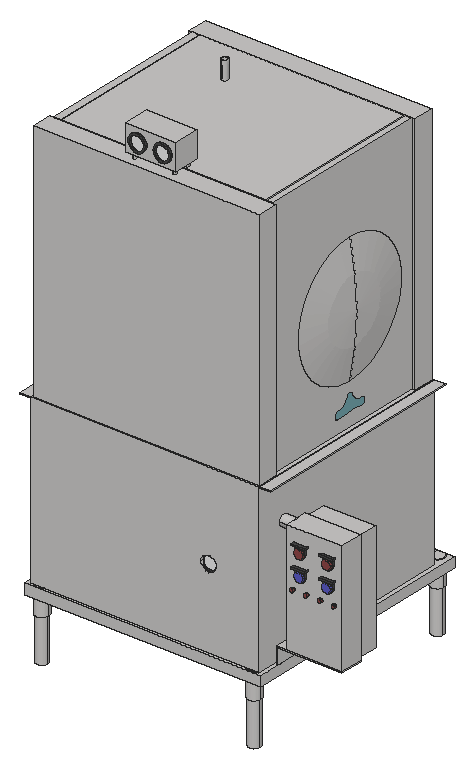
Revit family
Parameters (values of type "208/60/3")
  Width = 2' - 8 5/8"
  Weight in Pounds = 1000
  Watts = 10000 W
  Waste Water Discharge Temperature [instance] = -459.67 °F
  Volts = 208 V
  Ventilation Remarks [instance] = ""
  URL Cutsheet = ""
  URL = "www.stero.com"
  Status [instance] = ""
  Specification by User [instance] = ""
  Specification by Manufacturer = ""
  Serial Number [instance] = ""
  Seismic Rating [instance] = ""
  SMACNA No [instance] = ""
  Revision Code [instance] = ""
  Plumbing Remarks [instance] = ""
  Plumbing Connection Type [instance] = ""
  Phase = 3
  Number of Poles [instance] = 1
  NAFEM Spec ID Number [instance] = ""
  Model = "U-31A"
  Masterspec = ""
  Manufacturer = "Stero"
  Item Number [instance] = "-"
  Installed By [instance] = ""
  Indirect Waste Size = 2"
  Indirect Waste Flow [instance] = 0 GPM
  Indirect Waste Connection Type [instance] = ""
  Indirect Waste Connection Height = 0' - 4 1/4"
  Hot Water Usage Rack = "0.5 Gal/Rack"
  Hot Water Usage = "70 GPH"
  Hot Water Temperature = 180 °F
  Hot Water Size = 3/4"
  Hot Water RI Height [instance] = 0' - 0"
  Hot Water Minimum Pressure = 20.00 psi
  Hot Water Maximum Pressure = 20.00 psi
  Hot Water Flow [instance] = 0 GPM
  Hot Water Consumption = 1.97 GPM
  Hot Water Connection Height = 5' - 11 1/2"
  HP = "3"
  Furnished By [instance] = ""
  Foodservice Equipment Identifier [instance] = yes
  FL Amps = 36.8 A
  Exhaust Volume [instance] = if(Exhaust Vent, 600 CFM, 0 CFM)  # 0 CFM
  Exhaust Vent Width = 0' - 7 7/8"
  Exhaust Vent Depth = 0' - 7 7/8"
  Exhaust Vent [instance] = no
  Exhaust Static Press = 0.00 in-wg
  Exhaust RI Height [instance] = 0' - 0"
  Electrical Remarks [instance] = ""
  Electric Connection Type [instance] = ""
  Elec Conn RI Height [instance] = 0' - 0"
  Elec Conn Connection Height = 2' - 0 3/4"
  Description = "Pot, Pan and Utensil Washer"
  Depth = 2' - 11"
  Cycle = 60 Hz
  Conn Conduit = yes
  Clearance Depth [instance] = 0' - 4 1/2"
  CSI MasterFormat = "11 48 13"
  Assembly Code = "E1090320"
  Apparent Power = if(Phase = 3, Volts * FL Amps * 1.73, Volts * FL Amps)  # 13242.1 VA
Types (3): name | Volts | Hot Water Flow | FL Amps | Apparent Power
  (no name) | 208 V | 0 GPM | 36.8 A | 13242.1 VA
  208/60/3 | 208 V | 0 GPM | 36.8 A | 13242.1 VA
  480/60/3 | 480 V | 1.97 GPM | 17.3 A | 14365.9 VA
Reference planes (in)
  plane 1: z = 0
  plane 2 "Left of Top": x = 2.32772
  plane 3 "BACK": y = -48
  plane 4 "TOP": z = 100.5
  plane 5 "Right of Top": x = 34.95272
  plane 6 "FRONT": y = -83
  plane 7 "LEFT": x = 1.64022
  plane 8 "RIGHT": x = 35.64022
  plane 9 "Bottom of Machine": z = 8.5
  plane 10 "Table Height": z = 34
  plane 11 "Top of Machine": z = 69
  plane 12: z = 10
  plane 13 "Center": x = 18.64022
  plane 14 "Top of Opening": z = 61.5625
  plane 15: z = 6.25
  plane 16: x = 2.20272
  plane 17: x = 35.07772
  plane 18: x = 0.57772
  plane 19: x = 36.70272
  plane 20 "Front of Bottom": y = -82.5625
  plane 21: y = -65.5
  plane 22: y = -51
  plane 23 "Back of Top": y = -51.25
  plane 24 "Front of Top": y = -82.3125
  plane 25: y = -79.3125
  plane 26: y = -54.25
  plane 27: x = 33.45272
  plane 28: x = 3.82772
  plane 29: x = 34.45272
  plane 30: x = 2.82772
  plane 31 "Front of Panel": y = -81.5625
  plane 32: y = -77.8125
  plane 33: z = 69.75
  plane 34: z = 73.5
  plane 35: x = 15.01522
  plane 36: x = 22.26522
  plane 37: x = 14.70272
  plane 38: y = -62.3125
  plane 39: y = -54.4375
  plane 40: x = 22.57772
  plane 41: y = -43.5
  plane 42 "Front of Lower Panel": y = -79.9375
  plane 43: y = -76.625
  plane 44: z = 12.375
  plane 45: z = 28.625
  plane 46 "Right of Lower Panel": x = 44.95272
  plane 47 "Left of Lower Panel": x = 36.95272
  plane 48 "Back of Lower Panel": y = -73.5625
  plane 49: z = 28.375
  plane 50: z = 12.625
  plane 51: x = 44.70272
  plane 52: x = 37.20272
  plane 53: z = 21.5
  plane 54: x = 27.82772
  plane 55: z = 4.25
  plane 56: z = 71.5
  plane 57: y = -60.3125
  plane 58: x = 12.32772
  plane 59: z = 24.75
  plane 60: x = 37.95272
Forms (in)
  Extrusion 1, solid, material "QF_Finishes_Stainless Steel"
    sketch origin (0, 0, 8.5) x (0, 1, 0) y (-1, 0, 0)
      loop
        line (-48, -1.64022) -> (-83, -1.64022) -> (-83, -35.64022) -> (-48, -35.64022) -> (-48, -1.64022)
    from 0 to 1.5
  Extrusion 2, solid, material "QF_Finishes_Stainless Steel"
    sketch origin (0, 0, 28.5) x (0, 1, 0) y (-1, 0, 0)
      loop
        line (-51, -2.20272) -> (-82.5625, -2.20272) -> (-82.5625, -35.07772) -> (-51, -35.07772) -> (-51, -2.20272)
    from 5.5 to -18.5
  Extrusion 3, solid, material "QF_Finishes_Stainless Steel"
    sketch origin (0, 0, 34) x (0, 1, 0) y (-1, 0, 0)
      loop
        line (-51, -2.20272) -> (-51, -0.57772) -> (-82.5625, -0.57772) -> (-82.5625, -2.20272) -> (-51, -2.20272)
    from 0 to -0.125
  Extrusion 4, solid, material "QF_Finishes_Stainless Steel"
    sketch origin (0, 0, 34) x (0, 1, 0) y (-1, 0, 0)
      loop
        line (-51, -35.07772) -> (-82.5625, -35.07772) -> (-82.5625, -36.70272) -> (-51, -36.70272) -> (-51, -35.07772)
    from 0 to -0.125
  Extrusion 5, solid, material "QF_Finishes_Stainless Steel"
    sketch origin (0, 0, 69) x (0, 1, 0) y (-1, 0, 0)
      loop
        line (-54.25, -3.82772) -> (-79.3125, -3.82772) -> (-79.3125, -33.45272) -> (-54.25, -33.45272) -> (-54.25, -3.82772)
    from 0 to -7.4375
  Extrusion 6, solid, material "QF_Finishes_Stainless Steel"
    sketch origin (0, 0, 69) x (0, 1, 0) y (-1, 0, 0)
      loop
        line (-51.25, -2.32772) -> (-54.25, -2.32772) -> (-54.25, -34.95272) -> (-51.25, -34.95272) -> (-51.25, -2.32772)
    from 0 to -35
  Extrusion 7, solid, material "QF_Finishes_Stainless Steel"
    sketch origin (-31.85978, -79.82772, 69) x (-1, 0, 0) y (0, -1, 0)
      loop
        line (-65.3125, -0.51522) -> (-66.3125, -0.51522) -> (-66.3125, -25.57772) -> (-65.3125, -25.57772) -> (-65.3125, -0.51522)
    from 0 to -35
  Revolve 8, solid, material "QF_Finishes_Stainless Steel"
    sketch origin (-32.35978, -65.50246, -4.22611) x (-1, 0, 0) y (0, 0, 1)
      loop
        line (-66.8125, 53.5625) -> (-66.8125, 62.89889)
        arc (-66.8125, 62.89889) -> (-67.57581, 58.2589) -> (-67.8125, 53.5625) r 41.7501
        line (-67.8125, 53.5625) -> (-66.8125, 53.5625)
      axis (-66.8125, 53.5625) -> (-67.8125, 53.5625)
    angle from 0 to 360
  Extrusion 9, solid, material "QF_Finishes_Stainless Steel"
    sketch origin (0, 0, 0) x (1, 0, 0) y (0, 1, 0)
      loop
        circle (3.32772, -49) r 0.8125
    from 0 to 6.25
  Extrusion 10, solid, material "QF_Finishes_Stainless Steel"
    sketch origin (0, 0, 0) x (1, 0, 0) y (0, 1, 0)
      loop
        circle (3.32772, -49) r 0.9375
    from 6.25 to 8.5
  Extrusion 11, solid, material "QF_Finishes_Stainless Steel"
    sketch origin (48.65544, 0, 0) x (-1, 0, 0) y (0, -1, 0)
      loop
        circle (14.70272, 49) r 0.8125
    from 0 to 6.25
  Extrusion 12, solid, material "QF_Finishes_Stainless Steel"
    sketch origin (48.65544, 0, 0) x (-1, 0, 0) y (0, -1, 0)
      loop
        circle (14.70272, 49) r 0.9375
    from 6.25 to 10
  Extrusion 13, solid, material "QF_Finishes_Stainless Steel"
    sketch origin (0, -121, 0) x (1, 0, 0) y (0, 1, 0)
      loop
        circle (3.32772, 39) r 0.8125
    from 0 to 6.25
  Extrusion 14, solid, material "QF_Finishes_Stainless Steel"
    sketch origin (0, -121, 0) x (1, 0, 0) y (0, 1, 0)
      loop
        circle (3.32772, 39) r 0.9375
    from 6.25 to 10
  Extrusion 15, solid, material "QF_Finishes_Stainless Steel"
    sketch origin (48.65544, -121, 0) x (-1, 0, 0) y (0, -1, 0)
      loop
        circle (14.70272, -39) r 0.8125
    from 0 to 6.25
  Extrusion 16, solid, material "QF_Finishes_Stainless Steel"
    sketch origin (48.65544, -121, 0) x (-1, 0, 0) y (0, -1, 0)
      loop
        circle (14.70272, -39) r 0.9375
    from 6.25 to 10
  Extrusion 17, solid, material "QF_Finishes_Light Blue"
    sketch origin (34.95272, -79.82772, 5.5) x (0, -1, 0) y (0, 0, 1)
      loop
        line (-13.71645, 30.53132) -> (-12.08461, 30.44809)
        arc (-12.08461, 30.44809) -> (-11.90443, 30.52273) -> (-11.82979, 30.70292) r 0.25483
        line (-11.82979, 30.70292) -> (-11.82979, 31.18785)
        arc (-11.82979, 31.18785) -> (-11.90343, 31.36562) -> (-12.08121, 31.43926) r 0.25142
        arc (-12.08121, 31.43926) -> (-13.22593, 31.6553) -> (-13.90311, 32.60319) r 1.56264
        arc (-13.90311, 32.60319) -> (-14.31726, 32.93713) -> (-14.74741, 32.62407) r 0.43733
        arc (-14.74741, 32.62407) -> (-15.42049, 31.66111) -> (-16.57423, 31.43926) r 1.56264
        arc (-16.57423, 31.43926) -> (-16.75201, 31.36562) -> (-16.82565, 31.18785) r 0.25142
        line (-16.82565, 31.18785) -> (-16.82565, 30.70292)
        arc (-16.82565, 30.70292) -> (-16.75101, 30.52273) -> (-16.57082, 30.44809) r 0.25483
        line (-16.57082, 30.44809) -> (-14.93898, 30.53132)
        arc (-14.93898, 30.53132) -> (-14.32772, 30.54468) -> (-13.71645, 30.53132) r 13.99777
    from 0.5 to 0.4375
  Extrusion 18, solid, material "QF_Finishes_Stainless Steel"
    sketch origin (0, -17.25, 69) x (0, 1, 0) y (-1, 0, 0)
      loop
        line (-62.0625, -2.32772) -> (-65.0625, -2.32772) -> (-65.0625, -34.95272) -> (-62.0625, -34.95272) -> (-62.0625, -2.32772)
    from 0 to -35
  Extrusion 19, solid, material "QF_Finishes_Stainless Steel"
    sketch origin (69.14022, -79.82772, 69) x (1, 0, 0) y (0, 1, 0)
      loop
        line (-65.3125, 0.51522) -> (-65.3125, 25.57772) -> (-66.3125, 25.57772) -> (-66.3125, 0.51522) -> (-65.3125, 0.51522)
    from 0 to -35
  Revolve 20, solid, material "QF_Finishes_Stainless Steel"
    sketch origin (69.64022, -65.50246, -4.22611) x (1, 0, 0) y (0, 0, -1)
      loop
        line (-66.8125, -53.5625) -> (-67.8125, -53.5625)
        arc (-67.8125, -53.5625) -> (-67.57581, -58.2589) -> (-66.8125, -62.89889) r 41.7501
        line (-66.8125, -62.89889) -> (-66.8125, -53.5625)
      axis (-66.8125, -53.5625) -> (-67.8125, -53.5625)
    angle from 0 to 360
  Extrusion 21, solid, material "QF_Finishes_Light Blue"
    sketch origin (2.32772, -79.82772, 5.5) x (0, -1, 0) y (0, 0, -1)
      loop
        arc (-13.71645, -30.53132) -> (-14.32772, -30.54468) -> (-14.93898, -30.53132) r 13.99777
        line (-14.93898, -30.53132) -> (-16.57082, -30.44809)
        arc (-16.57082, -30.44809) -> (-16.75101, -30.52273) -> (-16.82565, -30.70292) r 0.25483
        line (-16.82565, -30.70292) -> (-16.82565, -31.18785)
        arc (-16.82565, -31.18785) -> (-16.75201, -31.36562) -> (-16.57423, -31.43926) r 0.25142
        arc (-16.57423, -31.43926) -> (-15.42049, -31.66111) -> (-14.74741, -32.62407) r 1.56264
        arc (-14.74741, -32.62407) -> (-14.31726, -32.93713) -> (-13.90311, -32.60319) r 0.43733
        arc (-13.90311, -32.60319) -> (-13.22593, -31.6553) -> (-12.08121, -31.43926) r 1.56264
        arc (-12.08121, -31.43926) -> (-11.90343, -31.36562) -> (-11.82979, -31.18785) r 0.25142
        line (-11.82979, -31.18785) -> (-11.82979, -30.70292)
        arc (-11.82979, -30.70292) -> (-11.90443, -30.52273) -> (-12.08461, -30.44809) r 0.25483
        line (-12.08461, -30.44809) -> (-13.71645, -30.53132)
    from 0.5 to 0.4375
  Extrusion 22, solid, material "QF_Finishes_Clearance", detail levels coarse
    sketch origin (-31.85978, -79.82772, 100.5) x (-1, 0, 0) y (0, -1, 0)
      loop
        line (-65.3125, -0.51522) -> (-66.3125, -0.51522) -> (-66.3125, -25.57772) -> (-65.3125, -25.57772) -> (-65.3125, -0.51522)
    from 0 to -31.5
  Extrusion 23, solid, material "QF_Finishes_Clearance", detail levels coarse
    sketch origin (69.14022, -79.82772, 100.5) x (1, 0, 0) y (0, 1, 0)
      loop
        line (-65.3125, 0.51522) -> (-65.3125, 25.57772) -> (-66.3125, 25.57772) -> (-66.3125, 0.51522) -> (-65.3125, 0.51522)
    from 0 to -31.5
  Extrusion 24, solid, material "QF_Finishes_Stainless Steel"
    sketch origin (0.0625, -81.5625, 0) x (1, 0, 0) y (0, 0, 1)
      loop
        line (14.95272, 73.5) -> (14.95272, 69.75) -> (22.20272, 69.75) -> (22.20272, 73.5) -> (14.95272, 73.5)
    from 0 to -3.75
  Extrusion 25, solid, material "QF_Finishes_Stainless Steel"
    sketch origin (0.0625, 0, 69) x (0, 1, 0) y (-1, 0, 0)
      loop
        circle (-78.5625, -15.70272) r 0.25
      loop
        circle (-78.5625, -21.45272) r 0.25
      loop
        circle (-80.8125, -15.70272) r 0.25
      loop
        circle (-80.8125, -21.45272) r 0.25
    from 0 to 0.75
  Extrusion 26, solid, material "QF_Finishes_Black"
    sketch origin (0.0625, -81.5625, 0) x (1, 0, 0) y (0, 0, 1)
      loop
        circle (16.75933, 71.60797) r 1.25
      loop
        circle (16.75933, 71.60797) r 1
    from 0 to 0.25
  Extrusion 27, solid, material "QF_Finishes_White"
    sketch origin (0.0625, -81.5625, 0) x (1, 0, 0) y (0, 0, 1)
      loop
        circle (16.75933, 71.60797) r 1
    from 0 to 0.0625
  Extrusion 28, solid, material "QF_Finishes_Black"
    sketch origin (3.6875, -81.5625, 0) x (1, 0, 0) y (0, 0, 1)
      loop
        circle (16.75933, 71.60797) r 1.25
      loop
        circle (16.75933, 71.60797) r 1
    from 0 to 0.25
  Extrusion 29, solid, material "QF_Finishes_White"
    sketch origin (3.6875, -81.5625, 0) x (1, 0, 0) y (0, 0, 1)
      loop
        circle (16.75933, 71.60797) r 1
    from 0 to 0.0625
  Extrusion 30, solid, material "QF_Finishes_Stainless Steel", visible <- "Exhaust Vent"
    sketch origin (0, 0, 69) x (0, 1, 0) y (-1, 0, 0)
      loop
        line (-54.4375, -14.70272) -> (-62.3125, -14.70272) -> (-62.3125, -22.57772) -> (-54.4375, -22.57772) -> (-54.4375, -14.70272)
      loop
        line (-62.1875, -14.82772) -> (-62.1875, -22.45272) -> (-54.5625, -22.45272) -> (-54.5625, -14.82772) -> (-62.1875, -14.82772)
    from 0 to 8
  Extrusion 31, solid, material "QF_Finishes_Clearance", detail levels coarse
    sketch origin (0, 0, 0) x (1, 0, 0) y (0, 1, 0)
      loop
        line (0.57772, -43.5) -> (0.57772, -48) -> (36.70272, -48) -> (36.70272, -43.5) -> (0.57772, -43.5)
    from 0 to 77
  Extrusion 32, solid, material "QF_Finishes_Stainless Steel"
    sketch origin (0, -79.9375, 0) x (-1, 0, 0) y (0, 0, 1)
      loop
        line (-35.64022, 10) -> (-35.51522, 10) -> (-35.51522, 12.375) -> (-44.95272, 12.375) -> (-44.95272, 12.25) -> (-35.64022, 12.25) -> (-35.64022, 10)
    from 0 to 3.3125
  Extrusion 33, solid, material "QF_Finishes_Stainless Steel"
    sketch origin (0, -79.9375, 0) x (-1, 0, 0) y (0, 0, 1)
      loop
        line (-36.95272, 28.625) -> (-44.95272, 28.625) -> (-44.95272, 12.375) -> (-36.95272, 12.375) -> (-36.95272, 28.625)
    from 0 to 3.3125
  Extrusion 34, solid, material "QF_Finishes_Black"
    sketch origin (14.125, -79.9375, -35.75) x (-1, 0, 0) y (0, 0, 1)
      loop
        line (-27.82772, 62.5) -> (-29.82772, 62.5) -> (-29.82772, 62.25) -> (-27.82772, 62.25) -> (-27.82772, 62.5)
    from 0 to -0.5
  Extrusion 35, solid, material "QF_Finishes_LED Red"
    sketch origin (19.125, -79.9375, -35.75) x (-1, 0, 0) y (0, 0, 1)
      loop
        circle (-19.82772, 61.375) r 0.625
    from -0.125 to -0.375
  Extrusion 36, solid, material "QF_Finishes_LED Red"
    sketch origin (23.125, -79.9375, -35.75) x (-1, 0, 0) y (0, 0, 1)
      loop
        circle (-19.82772, 61.375) r 0.625
    from -0.125 to -0.375
  Extrusion 37, solid, material "QF_Finishes_Black"
    sketch origin (14.125, -79.9375, -35.75) x (-1, 0, 0) y (0, 0, 1)
      loop
        arc (-29.57772, 61.375) -> (-28.82772, 60.625) -> (-28.07772, 61.375) r 0.75
        line (-28.07772, 61.375) -> (-28.07772, 62.25) -> (-29.57772, 62.25) -> (-29.57772, 61.375)
    from 0 to -0.125
  Extrusion 38, solid, material "QF_Finishes_Black"
    sketch origin (10.125, -79.9375, -35.75) x (-1, 0, 0) y (0, 0, 1)
      loop
        line (-27.82772, 62.5) -> (-29.82772, 62.5) -> (-29.82772, 62.25) -> (-27.82772, 62.25) -> (-27.82772, 62.5)
    from 0 to -0.5
  Extrusion 39, solid, material "QF_Finishes_Black"
    sketch origin (10.125, -79.9375, -35.75) x (-1, 0, 0) y (0, 0, 1)
      loop
        arc (-29.57772, 61.375) -> (-28.82772, 60.625) -> (-28.07772, 61.375) r 0.75
        line (-28.07772, 61.375) -> (-28.07772, 62.25) -> (-29.57772, 62.25) -> (-29.57772, 61.375)
    from 0 to -0.125
  Extrusion 40, solid, material "QF_Finishes_Black"
    sketch origin (14.125, -79.9375, -38.75) x (-1, 0, 0) y (0, 0, 1)
      loop
        line (-27.82772, 62.5) -> (-29.82772, 62.5) -> (-29.82772, 62.25) -> (-27.82772, 62.25) -> (-27.82772, 62.5)
    from 0 to -0.5
  Extrusion 41, solid, material "QF_Finishes_Navy Blue"
    sketch origin (19.125, -79.9375, -38.75) x (-1, 0, 0) y (0, 0, 1)
      loop
        circle (-19.82772, 61.375) r 0.625
    from -0.125 to -0.375
  Extrusion 42, solid, material "QF_Finishes_Navy Blue"
    sketch origin (23.125, -79.9375, -38.75) x (-1, 0, 0) y (0, 0, 1)
      loop
        circle (-19.82772, 61.375) r 0.625
    from -0.125 to -0.375
  Extrusion 43, solid, material "QF_Finishes_Black"
    sketch origin (14.125, -79.9375, -38.75) x (-1, 0, 0) y (0, 0, 1)
      loop
        arc (-29.57772, 61.375) -> (-28.82772, 60.625) -> (-28.07772, 61.375) r 0.75
        line (-28.07772, 61.375) -> (-28.07772, 62.25) -> (-29.57772, 62.25) -> (-29.57772, 61.375)
    from 0 to -0.125
  Extrusion 44, solid, material "QF_Finishes_Black"
    sketch origin (10.125, -79.9375, -38.75) x (-1, 0, 0) y (0, 0, 1)
      loop
        line (-27.82772, 62.5) -> (-29.82772, 62.5) -> (-29.82772, 62.25) -> (-27.82772, 62.25) -> (-27.82772, 62.5)
    from 0 to -0.5
  Extrusion 45, solid, material "QF_Finishes_Black"
    sketch origin (10.125, -79.9375, -38.75) x (-1, 0, 0) y (0, 0, 1)
      loop
        arc (-29.57772, 61.375) -> (-28.82772, 60.625) -> (-28.07772, 61.375) r 0.75
        line (-28.07772, 61.375) -> (-28.07772, 62.25) -> (-29.57772, 62.25) -> (-29.57772, 61.375)
    from 0 to -0.125
  Extrusion 46, solid, material "QF_Finishes_LED Red"
    sketch origin (19.125, -79.9375, -40.75) x (-1, 0, 0) y (0, 0, 1)
      loop
        circle (-18.82772, 61.375) r 0.25
      loop
        circle (-20.82772, 61.375) r 0.25
      loop
        circle (-22.82772, 61.375) r 0.25
      loop
        circle (-24.82772, 61.375) r 0.25
    from -0.125 to -0.375
  Extrusion 47, solid, material "QF_Finishes_Stainless Steel"
    sketch origin (0, -79.9375, 0) x (-1, 0, 0) y (0, 0, 1)
      loop
        line (-37.20272, 28.375) -> (-44.70272, 28.375) -> (-44.70272, 12.625) -> (-37.20272, 12.625) -> (-37.20272, 28.375)
    from 3.3125 to 6.375
  Extrusion 48, solid, material "QF_Finishes_Stainless Steel"
    sketch origin (35.64022, 0, 0) x (0, -1, 0) y (0, 0, 1)
      loop
        circle (78.28125, 27.875) r 0.75
    from 0.5625 to -1.3125
  Extrusion 49, void
    sketch origin (0, -82.5625, 0) x (1, 0, 0) y (0, 0, 1)
      loop
        circle (27.82772, 21.5) r 1.125
    from 0 to -1
  Extrusion 50, solid, material "QF_Finishes_Black"
    sketch origin (0, -82.5625, 0) x (1, 0, 0) y (0, 0, 1)
      loop
        circle (27.82772, 21.5) r 1.125
      loop
        circle (27.82772, 21.5) r 0.9375
    from -0.25 to -0.5
  Extrusion 51, solid, material "QF_Finishes_White"
    sketch origin (0, -82.5625, 0) x (1, 0, 0) y (0, 0, 1)
      loop
        circle (27.82772, 21.5) r 0.9375
    from -0.25 to -0.5
  Extrusion 52, solid, material "QF_Finishes_Stainless Steel"
    sketch origin (0, 0, 0) x (1, 0, 0) y (0, 1, 0)
      loop
        circle (18.64022, -65.5) r 1
      loop
        circle (18.64022, -65.5) r 1.125
    from 4.25 to 8.5
  Extrusion 53, solid, material "QF_Finishes_Stainless Steel"
    sketch origin (0, 0, 69) x (0, 1, 0) y (-1, 0, 0)
      loop
        circle (-60.3125, -12.32772) r 0.375
      loop
        circle (-60.3125, -12.32772) r 0.5
    from 0 to 2.5
  Extrusion 54, solid, material "QF_Finishes_Stainless Steel"
    sketch origin (0, -73.5625, 0) x (-1, 0, 0) y (0, 0, 1)
      loop
        circle (-37.95272, 24.75) r 0.25
    from 0 to 0.0625
Cuts and joins
  Extrusion 49 cuts Extrusion 2
Lines and regions (in)
  symbolic lines
    curve 1: line (1.64022, -51, 69) -> (35.64022, -51, 69)
    curve 2: line (1.64022, -83, 69) -> (1.64022, -51, 69)
    curve 3: line (35.64022, -83, 69) -> (1.64022, -83, 69)
    curve 4: line (35.64022, -51, 69) -> (35.64022, -83, 69)
    curve 5: line (36.95272, -76.625, 69) -> (44.95272, -76.625, 69)
    curve 6: line (36.95272, -79.9375, 69) -> (36.95272, -76.625, 69)
    curve 7: line (44.95272, -79.9375, 69) -> (36.95272, -79.9375, 69)
    curve 8: line (44.95272, -76.625, 69) -> (44.95272, -79.9375, 69)
    curve 9: line (15.01522, -77.8125, 69) -> (22.26522, -77.8125, 69)
    curve 10: line (15.01522, -81.5625, 69) -> (15.01522, -77.8125, 69)
    curve 11: line (22.26522, -81.5625, 69) -> (15.01522, -81.5625, 69)
    curve 12: line (22.26522, -77.8125, 69) -> (22.26522, -81.5625, 69)
    curve 13: line (22.57772, -62.3125, 69) -> (14.70272, -62.3125, 69)
    curve 14: line (22.57772, -54.4375, 69) -> (22.57772, -62.3125, 69)
    curve 15: line (14.70272, -54.4375, 69) -> (22.57772, -54.4375, 69)
    curve 16: line (14.70272, -62.3125, 69) -> (14.70272, -54.4375, 69)
    curve 17: line (37.20272, -76.625, 69) -> (37.20272, -73.5625, 69)
    curve 18: line (37.20272, -73.5625, 69) -> (44.70272, -73.5625, 69)
    curve 19: line (44.70272, -73.5625, 69) -> (44.70272, -76.625, 69)
    curve 20: line (35.64022, -82.5625, 69) -> (36.70272, -82.5625, 69)
    curve 21: line (36.70272, -82.5625, 69) -> (36.70272, -51, 69)
    curve 22: line (36.70272, -51, 69) -> (35.64022, -51, 69)
    curve 23: line (36.95272, -77.53125, 69) -> (36.70272, -77.53125, 69)
    curve 24: line (36.95272, -79.03125, 69) -> (36.70272, -79.03125, 69)
    curve 25: line (35.64022, -51, 69) -> (35.64022, -48, 69)
    curve 26: line (35.64022, -48, 69) -> (1.64022, -48, 69)
    curve 27: line (1.64022, -48, 69) -> (1.64022, -51, 69)
    curve 28: line (1.64022, -51, 69) -> (0.57772, -51, 69)
    curve 29: line (0.57772, -51, 69) -> (0.57772, -82.5625, 69)
    curve 30: line (0.57772, -82.5625, 69) -> (1.64022, -82.5625, 69)
  symbolic lines, style "QF_Clearances", detail levels coarse
    curve 31: line (0.57772, -48, 69) -> (0.57772, -43.5, 69)
    curve 32: line (0.57772, -43.5, 69) -> (36.70272, -43.5, 69)
    curve 33: line (36.70272, -43.5, 69) -> (36.70272, -48, 69)
Dimensions and locks (in)
  "Width": plane 2 "Left of Top" to plane 5 "Right of Top"
  "Depth": plane 6 "FRONT" to plane 3 "BACK"
  locked: plane 9 "Bottom of Machine" to level at 8.5
  locked: plane 10 "Table Height" to level at 34
  plane 11 "Top of Machine" to level = 5' - 9"
  plane 4 "TOP" to level = 8' - 4 1/2"
  plane 12 to plane 9 "Bottom of Machine" = 0' - 1 1/2"
  equal spacing: plane 2 "Left of Top", plane 13 "Center", plane 5 "Right of Top"
  locked: plane 11 "Top of Machine" to plane 14 "Top of Opening" at 7.4375
  plane 15 to level = 0' - 6 1/4"
  plane 7 "LEFT" to plane 2 "Left of Top" = 0' - 0 11/16"
  plane 5 "Right of Top" to plane 8 "RIGHT" = 0' - 0 11/16"
  locked: plane 16 to plane 2 "Left of Top" at 0.125
  locked: plane 5 "Right of Top" to plane 17 at 0.125
  locked: plane 18 to plane 2 "Left of Top" at 1.75
  locked: plane 5 "Right of Top" to plane 19 at 1.75
  equal spacing: plane 6 "FRONT", plane 21, plane 3 "BACK"
  locked: plane 6 "FRONT" to plane 20 "Front of Bottom" at 0.4375
  plane 3 "BACK" to plane 22 = 0' - 3"
  locked: plane 7 "LEFT" to plane 8 "RIGHT" at 34
  locked: plane 22 to plane 23 "Back of Top" at 0.25
  locked: plane 20 "Front of Bottom" to plane 24 "Front of Top" at 0.25
  locked: plane 23 "Back of Top" to plane 26 at 3
  locked: plane 24 "Front of Top" to plane 25 at 3
  plane 27 to plane 5 "Right of Top" = 0' - 1 1/2"
  plane 2 "Left of Top" to plane 28 = 0' - 1 1/2"
  locked: plane 30 to plane 28 at 1
  locked: plane 27 to plane 29 at 1
  locked: plane 24 "Front of Top" to plane 31 "Front of Panel" at 0.75
  locked: plane 31 "Front of Panel" to plane 32 at 3.75
  locked: plane 33 to plane 11 "Top of Machine" at 0.75
  locked: plane 34 to plane 33 at 3.75
  locked: plane 35 to plane 36 at 7.25
  locked: plane 35 to plane 13 "Center" at 3.625
  locked: plane 37 to plane 13 "Center" at 3.9375
  plane 24 "Front of Top" to plane 38 = 1' - 8"
  locked: plane 38 to plane 39 at 7.875
  locked: plane 37 to plane 40 at 7.875
  "Clearance Depth": plane 41 to plane 3 "BACK"
  plane 42 "Front of Lower Panel" to plane 6 "FRONT" = 0' - 3 1/16"
  locked: plane 43 to plane 42 "Front of Lower Panel" at 3.3125
  locked: plane 44 to plane 12 at 2.375
  locked: plane 45 to plane 44 at 16.25
  locked: plane 8 "RIGHT" to plane 47 "Left of Lower Panel" at 1.3125
  locked: plane 47 "Left of Lower Panel" to plane 46 "Right of Lower Panel" at 8
  locked: plane 48 "Back of Lower Panel" to plane 43 at 3.0625
  locked: plane 45 to plane 49 at 0.25
  locked: plane 50 to plane 44 at 0.25
  locked: plane 47 "Left of Lower Panel" to plane 52 at 0.25
  locked: plane 51 to plane 46 "Right of Lower Panel" at 0.25
  locked: plane 42 "Front of Lower Panel" to Extrusion 48 sketch curve at 1.65625
  locked: plane 45 to Extrusion 48 sketch curve at 0.75
  locked: plane 53 to level at 21.5
  locked: plane 54 to plane 8 "RIGHT" at 7.8125
  locked: plane 55 to level at 4.25
  plane 56 to plane 11 "Top of Machine" = 0' - 2 1/2"
  plane 24 "Front of Top" to plane 57 = 1' - 10"
  locked: plane 2 "Left of Top" to plane 58 at 10
  locked: plane 59 to level at 24.75
  locked: plane 5 "Right of Top" to plane 60 at 3
  aligned and locked: level to plane 1
  aligned and locked: Extrusion 1 to plane 9 "Bottom of Machine"
  aligned and locked: plane 12 to Extrusion 1
  aligned and locked: Extrusion 2 to plane 12
  aligned and locked: plane 2 "Left of Top" to Extrusion 6 sketch curve
  aligned and locked: Extrusion 6 sketch curve to plane 5 "Right of Top"
  aligned and locked: Extrusion 6 to plane 10 "Table Height"
  aligned and locked: Extrusion 5 to plane 14 "Top of Opening"
  aligned and locked: plane 6 "FRONT" to Extrusion 1 sketch curve
  aligned and locked: plane 15 to Extrusion 9
  aligned and locked: Extrusion 10 to plane 15
  aligned and locked: plane 9 "Bottom of Machine" to Extrusion 10
  aligned and locked: plane 7 "LEFT" to Extrusion 1 sketch curve
  aligned and locked: plane 8 "RIGHT" to Extrusion 1 sketch curve
  aligned and locked: Extrusion 12 to plane 15
  aligned and locked: plane 15 to Extrusion 11
  aligned and locked: Extrusion 14 to plane 15
  aligned and locked: plane 15 to Extrusion 13
  aligned and locked: plane 15 to Extrusion 15
  aligned and locked: Extrusion 16 to plane 15
  aligned and locked: plane 16 to Extrusion 2 sketch curve
  aligned and locked: plane 17 to Extrusion 2 sketch curve
  aligned and locked: plane 10 "Table Height" to Extrusion 2
  aligned and locked: Extrusion 3 sketch curve to plane 18
  aligned and locked: plane 19 to Extrusion 4 sketch curve
  aligned and locked: Extrusion 4 sketch curve to plane 17
  aligned and locked: plane 16 to Extrusion 3 sketch curve
  aligned and locked: plane 3 "BACK" to Extrusion 1 sketch curve
  aligned and locked: Extrusion 2 sketch curve to plane 22
  aligned and locked: Extrusion 2 sketch curve to plane 20 "Front of Bottom"
  aligned and locked: plane 20 "Front of Bottom" to Extrusion 3 sketch curve
  aligned and locked: plane 22 to Extrusion 3 sketch curve
  aligned and locked: Extrusion 4 sketch curve to plane 22
  aligned and locked: Extrusion 4 sketch curve to plane 20 "Front of Bottom"
  aligned and locked: plane 26 to Extrusion 6 sketch curve
  aligned and locked: Extrusion 6 sketch curve to plane 23 "Back of Top"
  aligned and locked: Extrusion 18 sketch curve to plane 24 "Front of Top"
  aligned and locked: plane 25 to Extrusion 18 sketch curve
  aligned and locked: plane 2 "Left of Top" to Extrusion 18 sketch curve
  aligned and locked: Extrusion 18 sketch curve to plane 5 "Right of Top"
  aligned and locked: Extrusion 18 to plane 10 "Table Height"
  aligned and locked: Extrusion 5 sketch curve to plane 26
  aligned and locked: Extrusion 5 sketch curve to plane 25
  aligned and locked: Extrusion 7 to plane 10 "Table Height"
  aligned and locked: plane 11 "Top of Machine" to Extrusion 7
  aligned and locked: Extrusion 7 sketch curve to plane 26
  aligned and locked: Extrusion 7 sketch curve to plane 25
  aligned and locked: plane 27 to Extrusion 7 sketch curve
  aligned and locked: Extrusion 5 sketch curve to plane 27
  aligned and locked: Extrusion 5 sketch curve to plane 28
  aligned and locked: Extrusion 7 sketch curve to plane 29
  aligned and locked: plane 26 to Extrusion 19 sketch curve
  aligned and locked: plane 30 to Extrusion 19 sketch curve
  aligned and locked: Extrusion 19 sketch curve to plane 28
  aligned and locked: plane 25 to Extrusion 19 sketch curve
  aligned and locked: Extrusion 24 sketch curve to plane 34
  aligned and locked: plane 35 to Extrusion 24 sketch curve
  aligned and locked: plane 33 to Extrusion 24 sketch curve
  aligned and locked: Extrusion 24 sketch curve to plane 36
  aligned and locked: Extrusion 24 to plane 32
  aligned and locked: plane 33 to Extrusion 25
  aligned and locked: Extrusion 27 sketch curve to Extrusion 26  (x2)
  aligned and locked: Extrusion 29 sketch curve to Extrusion 28  (x2)
  aligned and locked: plane 39 to Extrusion 30 sketch curve
  aligned and locked: plane 40 to Extrusion 30 sketch curve
  aligned and locked: Extrusion 30 sketch curve to plane 38
  aligned and locked: plane 37 to Extrusion 30 sketch curve
  aligned and locked: Extrusion 31 sketch curve to plane 41
  aligned and locked: plane 18 to Extrusion 31 sketch curve
  aligned and locked: Extrusion 31 sketch curve to plane 3 "BACK"
  aligned and locked: plane 19 to Extrusion 31 sketch curve
  aligned: plane 4 "TOP" to Extrusion 31
  aligned and locked: Extrusion 32 sketch curve to plane 8 "RIGHT"
  aligned and locked: Extrusion 32 sketch curve to plane 44
  aligned and locked: Extrusion 32 sketch curve to plane 12
  aligned and locked: plane 46 "Right of Lower Panel" to Extrusion 32 sketch curve
  aligned and locked: plane 43 to Extrusion 32
  aligned and locked: plane 46 "Right of Lower Panel" to Extrusion 33 sketch curve
  aligned and locked: plane 44 to Extrusion 33 sketch curve
  aligned and locked: Extrusion 33 sketch curve to plane 47 "Left of Lower Panel"
  aligned and locked: Extrusion 33 sketch curve to plane 45
  aligned and locked: plane 43 to Extrusion 33
  aligned and locked: Extrusion 47 sketch curve to plane 49
  aligned and locked: plane 51 to Extrusion 47 sketch curve
  aligned and locked: Extrusion 47 sketch curve to plane 52
  aligned and locked: plane 50 to Extrusion 47 sketch curve
  aligned and locked: Extrusion 47 to plane 43
  aligned and locked: plane 48 "Back of Lower Panel" to Extrusion 47
  aligned and locked: Extrusion 48 to plane 47 "Left of Lower Panel"
  aligned and locked: Extrusion 51 sketch curve to Extrusion 50  (x2)
  aligned and locked: Extrusion 52 to plane 55
  aligned and locked: plane 9 "Bottom of Machine" to Extrusion 52
  aligned and locked: plane 56 to Extrusion 53
Automatic sketch dimensions
  Revolve 8 sketch curve to plane 29 = 0' - 0"
  plane 8 "RIGHT" to Revolve 8 sketch curve = 0' - 0 3/16"
  Revolve 8 sketch curve to plane 47 "Left of Lower Panel" = 0' - 3 9/16"
  Revolve 8 sketch curve to plane 40 = 0' - 3 3/16"
  Revolve 8 sketch curve to plane 18 = 0' - 6.87435"
  Revolve 8 sketch curve to plane 14 "Top of Opening" = 1' - 0.22611"
  Revolve 8 sketch curve to Revolve 8 sketch curve = 0' - 0"
  Revolve 8 sketch curve to plane 14 "Top of Opening" = 0' - 11.97605"
  plane 28 to Extrusion 9 sketch curve = 0' - 0 1/2"
  plane 3 "BACK" to Extrusion 9 sketch curve = 0' - 1"
  plane 28 to Extrusion 10 sketch curve = 0' - 0 1/2"
  plane 3 "BACK" to Extrusion 10 sketch curve = 0' - 1"
  Extrusion 11 sketch curve to plane 27 = 0' - 0 1/2"
  Extrusion 11 sketch curve to plane 3 "BACK" = 0' - 1"
  Extrusion 12 sketch curve to plane 27 = 0' - 0 1/2"
  Extrusion 12 sketch curve to plane 3 "BACK" = 0' - 1"
  Extrusion 13 sketch curve to plane 28 = 0' - 0 1/2"
  plane 24 "Front of Top" to Extrusion 13 sketch curve = 0' - 0 5/16"
  Extrusion 14 sketch curve to plane 28 = 0' - 0 1/2"
  plane 24 "Front of Top" to Extrusion 14 sketch curve = 0' - 0 5/16"
  plane 27 to Extrusion 15 sketch curve = 0' - 0 1/2"
  Extrusion 15 sketch curve to plane 24 "Front of Top" = 0' - 0 5/16"
  plane 27 to Extrusion 16 sketch curve = 0' - 0 1/2"
  Extrusion 16 sketch curve to plane 24 "Front of Top" = 0' - 0 5/16"
  Extrusion 17 sketch curve to plane 21 = 0' - 0"
  plane 21 to Extrusion 17 sketch curve = 0' - 0.00035"
  plane 21 to Extrusion 17 sketch curve = 0' - 0.41969"
  plane 21 to Extrusion 17 sketch curve = 0' - 0.61126"
  plane 38 to Extrusion 17 sketch curve = 0' - 1.24444"
  plane 38 to Extrusion 17 sketch curve = 0' - 0.9444"
  Extrusion 17 sketch curve to Extrusion 17 sketch curve = 0' - 0.00341"  (x2)
  Extrusion 17 sketch curve to Extrusion 17 sketch curve = 0' - 0.25142"  (x2)
  Extrusion 17 sketch curve to plane 21 = 0' - 0.42461"
  Extrusion 17 sketch curve to Extrusion 17 sketch curve = 0' - 0"
  Extrusion 17 sketch curve to plane 21 = 0' - 0.61126"
  Extrusion 17 sketch curve to Extrusion 17 sketch curve = 0' - 1.51845"
  Extrusion 17 sketch curve to Extrusion 17 sketch curve = 0' - 1.63184"
  Extrusion 17 sketch curve to plane 45 = 0' - 6.5781"
  plane 10 "Table Height" to Extrusion 17 sketch curve = 0' - 1.94809"  (x2)
  Extrusion 17 sketch curve to Extrusion 17 sketch curve = 0' - 0.08323"
  Extrusion 17 sketch curve to Extrusion 17 sketch curve = 0' - 0.48493"  (x2)
  Extrusion 17 sketch curve to Extrusion 17 sketch curve = 0' - 1.96861"
  plane 30 to Revolve 20 sketch curve = 0' - 0"
  plane 7 "LEFT" to Revolve 20 sketch curve = 0' - 0 3/16"
  Revolve 20 sketch curve to plane 18 = 0' - 3 13/16"
  Revolve 20 sketch curve to plane 37 = 0' - 3 1/16"
  plane 46 "Right of Lower Panel" to Revolve 20 sketch curve = 0' - 1.37565"
  Revolve 20 sketch curve to plane 14 "Top of Opening" = 0' - 2.88973"
  Revolve 20 sketch curve to Revolve 20 sketch curve = 0' - 9.08632"
  Revolve 20 sketch curve to Revolve 20 sketch curve = 0' - 0"
  Extrusion 21 sketch curve to plane 21 = 0' - 0"
  plane 21 to Extrusion 21 sketch curve = 0' - 0.00035"
  plane 21 to Extrusion 21 sketch curve = 0' - 0.41969"
  plane 21 to Extrusion 21 sketch curve = 0' - 0.61126"
  plane 38 to Extrusion 21 sketch curve = 0' - 1.24444"
  plane 38 to Extrusion 21 sketch curve = 0' - 0.9444"
  Extrusion 21 sketch curve to Extrusion 21 sketch curve = 0' - 0.00341"  (x2)
  Extrusion 21 sketch curve to Extrusion 21 sketch curve = 0' - 0.25142"  (x2)
  Extrusion 21 sketch curve to plane 21 = 0' - 0.42461"
  Extrusion 21 sketch curve to Extrusion 21 sketch curve = 0' - 0"  (x2)
  Extrusion 21 sketch curve to plane 21 = 0' - 0.61126"
  Extrusion 21 sketch curve to Extrusion 21 sketch curve = 0' - 1.51845"
  Extrusion 21 sketch curve to Extrusion 21 sketch curve = 0' - 1.63184"
  plane 10 "Table Height" to Extrusion 21 sketch curve = 0' - 4.47215"
  Extrusion 21 sketch curve to Extrusion 21 sketch curve = 0' - 0.34808"
  Extrusion 21 sketch curve to Extrusion 21 sketch curve = 0' - 0.48493"  (x2)
  Extrusion 21 sketch curve to Extrusion 21 sketch curve = 0' - 0.08323"
  Extrusion 21 sketch curve to plane 45 = 0' - 6.5781"
  plane 25 to Extrusion 22 sketch curve = 0' - 0"
  Extrusion 22 sketch curve to plane 29 = 0' - 0"
  Extrusion 22 sketch curve to plane 27 = 0' - 0"
  Extrusion 22 sketch curve to plane 26 = 0' - 0"
  plane 25 to Extrusion 23 sketch curve = 0' - 0"
  Extrusion 23 sketch curve to plane 30 = 0' - 0"
  Extrusion 23 sketch curve to plane 28 = 0' - 0"
  Extrusion 23 sketch curve to plane 26 = 0' - 0"
  Extrusion 25 sketch curve to plane 31 "Front of Panel" = 0' - 0 3/4"  (x2)
  Extrusion 25 sketch curve to plane 25 = 0' - 0 3/4"  (x2)
  Extrusion 25 sketch curve to plane 36 = 0' - 0 3/4"  (x2)
  plane 35 to Extrusion 25 sketch curve = 0' - 0 3/4"  (x2)
  Extrusion 26 sketch curve to Extrusion 26 sketch curve = 0' - 0"  (x2)
  plane 35 to Extrusion 26 sketch curve = 0' - 1.80661"
  plane 33 to Extrusion 26 sketch curve = 0' - 1.85797"
  Extrusion 28 sketch curve to Extrusion 28 sketch curve = 0' - 0"  (x2)
  plane 13 "Center" to Extrusion 28 sketch curve = 0' - 1.80661"
  plane 33 to Extrusion 28 sketch curve = 0' - 1.85797"
  Extrusion 30 sketch curve to plane 38 = 0' - 0 1/8"
  plane 39 to Extrusion 30 sketch curve = 0' - 0 1/8"
  plane 40 to Extrusion 30 sketch curve = 0' - 0 1/8"
  plane 37 to Extrusion 30 sketch curve = 0' - 0 1/8"
  plane 8 "RIGHT" to Extrusion 32 sketch curve = 0' - 0 1/8"
  Extrusion 32 sketch curve to Extrusion 32 sketch curve = 0' - 0 1/8"
  plane 46 "Right of Lower Panel" to Extrusion 34 sketch curve = 0' - 1"
  Extrusion 34 sketch curve to Extrusion 34 sketch curve = 0' - 2"
  Extrusion 34 sketch curve to plane 45 = 0' - 2 1/8"
  Extrusion 34 sketch curve to Extrusion 34 sketch curve = 0' - 0 1/4"
  Extrusion 35 sketch curve to plane 47 "Left of Lower Panel" = 0' - 2"
  Extrusion 35 sketch curve to plane 45 = 0' - 3"
  plane 46 "Right of Lower Panel" to Extrusion 36 sketch curve = 0' - 2"
  Extrusion 36 sketch curve to plane 45 = 0' - 3"
  plane 46 "Right of Lower Panel" to Extrusion 37 sketch curve = 0' - 1 1/4"
  Extrusion 37 sketch curve to Extrusion 37 sketch curve = 0' - 0 3/4"
  Extrusion 37 sketch curve to plane 45 = 0' - 3"
  Extrusion 37 sketch curve to Extrusion 37 sketch curve = 0' - 0 7/8"
  Extrusion 38 sketch curve to plane 47 "Left of Lower Panel" = 0' - 3"
  Extrusion 38 sketch curve to plane 47 "Left of Lower Panel" = 0' - 1"
  Extrusion 38 sketch curve to plane 45 = 0' - 2 1/8"
  Extrusion 38 sketch curve to Extrusion 38 sketch curve = 0' - 0 1/4"
  Extrusion 39 sketch curve to plane 47 "Left of Lower Panel" = 0' - 2 3/4"
  Extrusion 39 sketch curve to Extrusion 39 sketch curve = 0' - 0 3/4"
  Extrusion 39 sketch curve to plane 45 = 0' - 3"
  Extrusion 39 sketch curve to Extrusion 39 sketch curve = 0' - 0 7/8"
  plane 46 "Right of Lower Panel" to Extrusion 40 sketch curve = 0' - 1"
  Extrusion 40 sketch curve to Extrusion 40 sketch curve = 0' - 2"
  Extrusion 40 sketch curve to plane 45 = 0' - 5 1/8"
  Extrusion 40 sketch curve to Extrusion 40 sketch curve = 0' - 0 1/4"
  Extrusion 41 sketch curve to plane 47 "Left of Lower Panel" = 0' - 2"
  Extrusion 41 sketch curve to plane 45 = 0' - 6"
  plane 46 "Right of Lower Panel" to Extrusion 42 sketch curve = 0' - 2"
  Extrusion 42 sketch curve to plane 45 = 0' - 6"
  plane 46 "Right of Lower Panel" to Extrusion 43 sketch curve = 0' - 1 1/4"
  Extrusion 43 sketch curve to Extrusion 43 sketch curve = 0' - 0 3/4"
  Extrusion 43 sketch curve to plane 45 = 0' - 6"
  Extrusion 43 sketch curve to Extrusion 43 sketch curve = 0' - 0 7/8"
  Extrusion 44 sketch curve to plane 47 "Left of Lower Panel" = 0' - 3"
  Extrusion 44 sketch curve to plane 47 "Left of Lower Panel" = 0' - 1"
  Extrusion 44 sketch curve to plane 45 = 0' - 5 1/8"
  Extrusion 44 sketch curve to Extrusion 44 sketch curve = 0' - 0 1/4"
  Extrusion 45 sketch curve to plane 47 "Left of Lower Panel" = 0' - 2 3/4"
  Extrusion 45 sketch curve to Extrusion 45 sketch curve = 0' - 0 3/4"
  Extrusion 45 sketch curve to plane 45 = 0' - 6"
  Extrusion 45 sketch curve to Extrusion 45 sketch curve = 0' - 0 7/8"
  plane 46 "Right of Lower Panel" to Extrusion 46 sketch curve = 0' - 1"
  Extrusion 46 sketch curve to Extrusion 46 sketch curve = 0' - 2"  (x2)
  Extrusion 46 sketch curve to plane 47 "Left of Lower Panel" = 0' - 1"
  Extrusion 46 sketch curve to plane 45 = 0' - 8"
  Extrusion 46 sketch curve to Extrusion 46 sketch curve = 0' - 0"  (x3)
  Extrusion 49 sketch curve to plane 53 = 0' - 0"
  plane 54 to Extrusion 49 sketch curve = 0' - 0"
  Extrusion 50 sketch curve to Extrusion 50 sketch curve = 0' - 0"  (x2)
  Extrusion 50 sketch curve to plane 53 = 0' - 0"
  plane 54 to Extrusion 50 sketch curve = 0' - 0"
  Extrusion 52 sketch curve to plane 13 "Center" = 0' - 0"
  Extrusion 52 sketch curve to plane 21 = 0' - 0"
  Extrusion 52 sketch curve to Extrusion 52 sketch curve = 0' - 0"  (x2)
  plane 57 to Extrusion 53 sketch curve = 0' - 0"
  Extrusion 53 sketch curve to plane 58 = 0' - 0"
  Extrusion 53 sketch curve to Extrusion 53 sketch curve = 0' - 0"  (x2)
  Extrusion 54 sketch curve to plane 59 = 0' - 0"
  plane 60 to Extrusion 54 sketch curve = 0' - 0"
  curve 3 to plane 6 "FRONT" = 0' - 0"
  curve 30 to plane 7 "LEFT" = 0' - 0"
  plane 20 "Front of Bottom" to curve 30 = 0' - 0"
  curve 21 to plane 19 = 0' - 0"
  plane 20 "Front of Bottom" to curve 21 = 0' - 0"
  plane 31 "Front of Panel" to curve 11 = 0' - 0"
  curve 8 to plane 42 "Front of Lower Panel" = 0' - 0"
  curve 24 to plane 47 "Left of Lower Panel" = 0' - 0"
  plane 32 to curve 9 = 0' - 0"
  curve 19 to plane 43 = 0' - 0"
  curve 17 to plane 48 "Back of Lower Panel" = 0' - 0"
  curve 13 to plane 37 = 0' - 0"
  plane 38 to curve 13 = 0' - 0"
  plane 39 to curve 15 = 0' - 0"
  curve 22 to plane 22 = 0' - 0"
  plane 3 "BACK" to curve 27 = 0' - 0"
  plane 3 "BACK" to curve 31 = 0' - 0"
  plane 3 "BACK" to curve 33 = 0' - 0"
  curve 32 to plane 19 = 0' - 0"
  curve 32 to plane 41 = 0' - 0"
  curve 7 to plane 46 "Right of Lower Panel" = 0' - 0"
  curve 18 to plane 51 = 0' - 0"
  curve 17 to plane 52 = 0' - 0"
  curve 1 to plane 8 "RIGHT" = 0' - 0"
  curve 13 to plane 40 = 0' - 0"
  curve 11 to plane 36 = 0' - 0"
  curve 10 to plane 35 = 0' - 0"
  curve 31 to plane 18 = 0' - 0"
  curve 29 to plane 18 = 0' - 0"
  curve 24 to plane 25 = 0' - 0 9/32"
  curve 23 to plane 32 = 0' - 0 9/32"
  radius of Extrusion 9 sketch curve = 0' - 0 13/16"
  radius of Extrusion 10 sketch curve = 0' - 0 15/16"
  radius of Extrusion 11 sketch curve = 0' - 0 13/16"
  radius of Extrusion 12 sketch curve = 0' - 0 15/16"
  radius of Extrusion 13 sketch curve = 0' - 0 13/16"
  radius of Extrusion 14 sketch curve = 0' - 0 15/16"
  radius of Extrusion 15 sketch curve = 0' - 0 13/16"
  radius of Extrusion 16 sketch curve = 0' - 0 15/16"
  radius of Extrusion 25 sketch curve = 0' - 0 1/4"  (x4)
  radius of Extrusion 26 sketch curve = 0' - 1 1/4"
  radius of Extrusion 26 sketch curve = 0' - 1"
  radius of Extrusion 28 sketch curve = 0' - 1 1/4"
  radius of Extrusion 28 sketch curve = 0' - 1"
  radius of Extrusion 35 sketch curve = 0' - 0 5/8"
  radius of Extrusion 36 sketch curve = 0' - 0 5/8"
  radius of Extrusion 41 sketch curve = 0' - 0 5/8"
  radius of Extrusion 42 sketch curve = 0' - 0 5/8"
  radius of Extrusion 46 sketch curve = 0' - 0 1/4"  (x4)
  radius of Extrusion 48 sketch curve = 0' - 0 3/4"
  radius of Extrusion 49 sketch curve = 0' - 1 1/8"
  radius of Extrusion 50 sketch curve = 0' - 1 1/8"
  radius of Extrusion 50 sketch curve = 0' - 0 15/16"
  radius of Extrusion 52 sketch curve = 0' - 1"
  radius of Extrusion 52 sketch curve = 0' - 1 1/8"
  radius of Extrusion 53 sketch curve = 0' - 0 3/8"
  radius of Extrusion 53 sketch curve = 0' - 0 1/2"
  radius of Extrusion 54 sketch curve = 0' - 0 1/4"
Connectors (in)
  hvac at (18.64022, -58.375, 77), driven by "Exhaust Volume", driven by "Exhaust Vent Depth", driven by "Exhaust Vent Width"
    settings: on Extrusion 30, index 1, duct flow 0 CFM, flow factor 0, pres drop 0.00 in-wg, loss coef 0, conn angle 0.00°, conn width 7 7/8", conn height 7 7/8", conn radius 12", duct sys type 3, conn prof type 1, flow config 1, flow direction 2, loss method 0, conn ref index -1, conn util no, is conn primary yes, conn desc "Exhaust"
  piping at (18.64022, -65.5, 4.25), driven by "Indirect Waste Flow"
    settings: on Extrusion 52, index 2, connector radius 1", flow factor 0, pipe flow 0 GPM, pressure drop 0.00 psi, fitting loss kfactor 0, connector angle 0.00°, fixture units 0, flow configuration 1, flow direction 2, fitting loss method 0, system type 16, connector reference index -1, connector utility 0, adjustable connector no, is connector primary yes, fitting loss table "", connector description "Indirect Waste"
  electrical at (37.95272, -73.5, 24.75), driven by "Number of Poles", driven by "Volts", driven by "Apparent Power"
    settings: on Extrusion 54, index 3, voltage 208 V, apparent load 13242.1 VA, apparent load phase1 0 VA, apparent load phase2 0 VA, apparent load phase3 0 VA, power factor 1, load classification "Other", number of poles 1, system type 30, power factor state 1, is connector primary yes, connector utility no, sub classification motor no, connector description "Electric"
  piping at (12.32772, -60.3125, 71.5), driven by "Hot Water Flow"
    settings: on Extrusion 53, index 4, connector radius 3/8", flow factor 0, pipe flow 0 GPM, pressure drop 0.00 psi, fitting loss kfactor 0, connector angle 0.00°, fixture units 0, flow configuration 1, flow direction 1, fitting loss method 0, system type 19, connector reference index -1, connector utility 0, adjustable connector no, is connector primary no, fitting loss table "", connector description "Hot Water"
